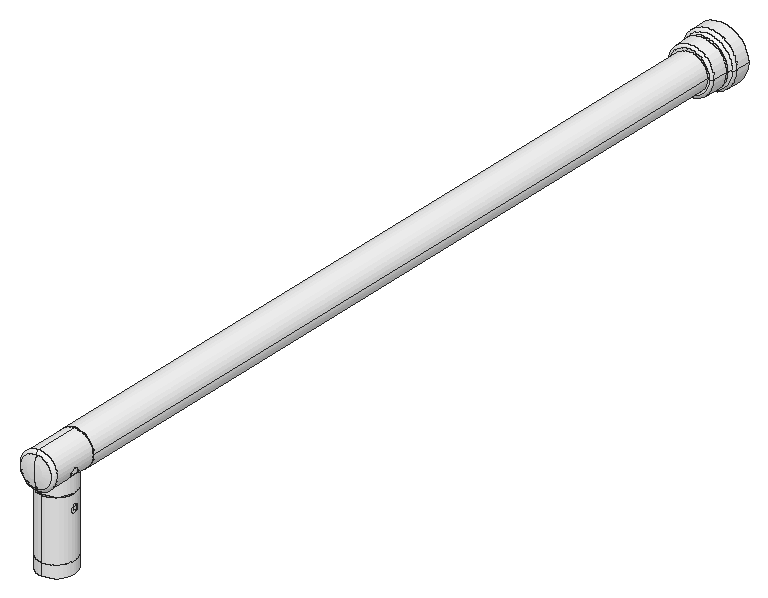
Revit family "53703  HGE-R-690", category Generic Models, Revit 2014
Parameters (values of type "Type")
  Length [instance] = 700 mm
  L [instance] = Length - 40 mm  # 660 mm
  Color = White
Reference planes
  plane 1 "Center (Front/Back)": y = 0
  plane 2: z = 0
  plane 3 "Center (Left/Right)": x = 0
  plane 4: z = 80
  plane 5: z = 80
Forms (mm)
  Extrusion 1, solid, material "White" <- "Color", detail levels fine
    sketch origin (0, -440, 0) x (0, 1, 0) y (-1, 0, 0)
      loop
        circle (-250, 0) r 15
      loop
        arc (-259.18, 1.509) -> (-257.943, 1.798) -> (-257.125, 2.785) r 2
        arc (-257.125, 2.785) -> (-256.488, 3.377) -> (-255.629, 3.247) r 1
        arc (-255.629, 3.247) -> (-255.132, 2.713) -> (-255.13, 1.984) r 1
        arc (-255.13, 1.984) -> (-255.5, 0) -> (-255.13, -1.984) r 5.5
        arc (-255.13, -1.984) -> (-255.132, -2.713) -> (-255.629, -3.247) r 1
        arc (-255.629, -3.247) -> (-256.491, -3.376) -> (-257.129, -2.775) r 1
        arc (-257.129, -2.775) -> (-257.943, -1.798) -> (-259.18, -1.509) r 2
        arc (-259.18, -1.509) -> (-260.955, -2.284) -> (-261.241, -4.2) r 2
        arc (-261.241, -4.2) -> (-258.485, -8.485) -> (-254.2, -11.241) r 12
        arc (-254.2, -11.241) -> (-252.284, -10.955) -> (-251.509, -9.18) r 2
        arc (-251.509, -9.18) -> (-251.798, -7.943) -> (-252.785, -7.125) r 2
        arc (-252.785, -7.125) -> (-253.377, -6.488) -> (-253.247, -5.629) r 1
        arc (-253.247, -5.629) -> (-252.713, -5.132) -> (-251.984, -5.13) r 1
        arc (-251.984, -5.13) -> (-250, -5.5) -> (-248.016, -5.13) r 5.5
        arc (-248.016, -5.13) -> (-247.287, -5.132) -> (-246.753, -5.629) r 1
        arc (-246.753, -5.629) -> (-246.623, -6.488) -> (-247.225, -7.129) r 1
        arc (-247.225, -7.129) -> (-248.202, -7.943) -> (-248.491, -9.18) r 2
        arc (-248.491, -9.18) -> (-247.716, -10.955) -> (-245.8, -11.241) r 2
        arc (-245.8, -11.241) -> (-241.515, -8.485) -> (-238.759, -4.2) r 12
        arc (-238.759, -4.2) -> (-239.045, -2.284) -> (-240.82, -1.509) r 2
        arc (-240.82, -1.509) -> (-242.057, -1.798) -> (-242.875, -2.785) r 2
        arc (-242.875, -2.785) -> (-243.512, -3.377) -> (-244.371, -3.247) r 1
        arc (-244.371, -3.247) -> (-244.868, -2.713) -> (-244.87, -1.984) r 1
        arc (-244.87, -1.984) -> (-244.5, 0) -> (-244.87, 1.984) r 5.5
        arc (-244.87, 1.984) -> (-244.868, 2.713) -> (-244.371, 3.247) r 1
        arc (-244.371, 3.247) -> (-243.512, 3.377) -> (-242.871, 2.775) r 1
        arc (-242.871, 2.775) -> (-242.057, 1.798) -> (-240.82, 1.509) r 2
        arc (-240.82, 1.509) -> (-239.045, 2.284) -> (-238.759, 4.2) r 2
        arc (-238.759, 4.2) -> (-241.515, 8.485) -> (-245.8, 11.241) r 12
        arc (-245.8, 11.241) -> (-247.716, 10.955) -> (-248.491, 9.18) r 2
        arc (-248.491, 9.18) -> (-248.202, 7.943) -> (-247.215, 7.125) r 2
        arc (-247.215, 7.125) -> (-246.623, 6.488) -> (-246.753, 5.629) r 1
        arc (-246.753, 5.629) -> (-247.287, 5.132) -> (-248.016, 5.13) r 1
        arc (-248.016, 5.13) -> (-250, 5.5) -> (-251.984, 5.13) r 5.5
        arc (-251.984, 5.13) -> (-252.713, 5.132) -> (-253.247, 5.629) r 1
        arc (-253.247, 5.629) -> (-253.377, 6.488) -> (-252.775, 7.129) r 1
        arc (-252.775, 7.129) -> (-251.798, 7.943) -> (-251.509, 9.18) r 2
        arc (-251.509, 9.18) -> (-252.284, 10.955) -> (-254.2, 11.241) r 2
        arc (-254.2, 11.241) -> (-258.485, 8.485) -> (-261.241, 4.2) r 12
        arc (-261.241, 4.2) -> (-260.955, 2.284) -> (-259.18, 1.509) r 2
    from 0 to 10
  Extrusion 2, solid, material "White" <- "Color", detail levels fine
    sketch origin (0, -440, 0) x (0, 1, 0) y (-1, 0, 0)
      loop
        circle (-250, 0) r 15
    from 10 to 60
  Extrusion 3, solid, material "White" <- "Color", detail levels fine
    sketch origin (0, -440, 0) x (0, 1, 0) y (0, 0, 1)
      loop
        circle (-250, 49) r 3
      loop
        line (-248.4, 49.924) -> (-250, 50.848) -> (-251.6, 49.924) -> (-251.6, 48.076) -> (-250, 47.152) -> (-248.4, 48.076) -> (-248.4, 49.924)
    from 0 to 15
  Revolve 4, solid, material "White" <- "Color", detail levels fine
    sketch origin (0, -440, 0) x (0, 1, 0) y (0, 0, 1)
      loop
        line (-272.303, 80) -> (-230, 80) -> (-230, 94.5)
        arc (-230, 94.5) -> (-230.146, 94.854) -> (-230.5, 95) r 0.5
        line (-230.5, 95) -> (-267.745, 95)
        arc (-267.745, 95) -> (-269.576, 94.377) -> (-270.646, 92.766) r 3
        arc (-270.646, 92.766) -> (-271.887, 86.437) -> (-272.303, 80) r 50
      axis (-272.303, 80) -> (-230, 80)
    angle from 0 to 360
  Extrusion 5, solid, material "White" <- "Color", detail levels fine
    sketch origin (0, 0, 0) x (-1, 0, 0) y (0, 0, 1)
      loop
        circle (0, 80) r 15
    from -670 to -33
  Revolve 6, solid, material "White" <- "Color", detail levels fine
    sketch origin (0, -440, 0) x (0, 1, 0) y (0, 0, 1)
      loop
        line (-250, 80) -> (-265, 80) -> (-265, 60.5)
        arc (-265, 60.5) -> (-264.854, 60.146) -> (-264.5, 60) r 0.5
        line (-264.5, 60) -> (-250, 60) -> (-250, 80)
      axis (-250, 80) -> (-250, 60)
    angle from 0 to 360
  Revolve 7, solid, material "White" <- "Color", detail levels fine
    sketch origin (0, 0, 80) x (1, 0, 0) y (0, 1, 0)
      loop
        line (22.475, -11.48) -> (22.475, 0) -> (20, 0) -> (20, -1) -> (9.5, -1) -> (9.5, -2) -> (5.5, -2) -> (5.5, -33) -> (16.866, -33)
        arc (16.866, -33) -> (18.243, -32.451) -> (18.864, -31.105) r 2
        line (18.864, -31.105) -> (19.496, -19.042)
        arc (19.496, -19.042) -> (19.447, -18.322) -> (19.227, -17.635) r 3
        arc (19.227, -17.635) -> (19.18, -15.661) -> (20.58, -14.269) r 2.5
        arc (20.58, -14.269) -> (21.956, -13.166) -> (22.475, -11.48) r 3
      axis (0, 0) -> (0, -33)
    angle from 0 to 360
  Extrusion 8, solid, material "White" <- "Color", detail levels medium
    sketch origin (0, 0, 0) x (1, 0, 0) y (0, 1, 0)
      loop
        circle (0, -690) r 15
    from 0 to 80
  Extrusion 9, solid, material "White" <- "Color", detail levels medium
    sketch origin (0, 0, 0) x (1, 0, 0) y (0, 0, 1)
      loop
        circle (0, 80) r 15
    from 33 to 712.304
  Extrusion 10, solid, material "White" <- "Color", detail levels medium
    sketch origin (0, 0, 0) x (1, 0, 0) y (0, 0, 1)
      loop
        circle (0, 80) r 22.475
    from 0 to 33
  Extrusion 11, solid, material "White" <- "Color", detail levels coarse
    sketch origin (0, 0, 0) x (1, 0, 0) y (0, 0, 1)
      loop
        line (-22.475, 0) -> (22.475, 0) -> (22.475, 102.475) -> (-22.475, 102.475) -> (-22.475, 0)
    from 0 to 712.304
Cuts and joins
  joined: Extrusion 1, Extrusion 2
  joined: Extrusion 5, Revolve 7
Dimensions and locks
  aligned and locked: level to plane 2
